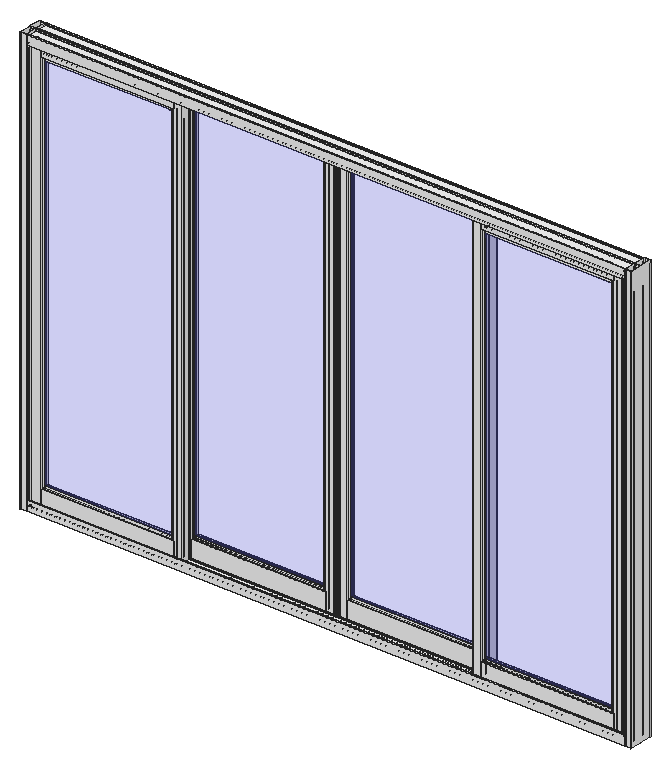
Revit family "Palace_Multi_OXXO_Custom", category Doors, host Wall, Revit 2014 (continued)
Definition of nested family "Palace_Sash_Meeting_Palace_OXXO_Cust"
  Definition of nested family "Palace_Heavy_Duty_Astragal"
    Forms (mm)
      Extrusion 1, solid, material <- "Profile Material"
        sketch origin (0, 0, 0) x (1, 0, 0) y (0, 1, 0)
          loop
            line (27.653, 119.237) -> (8.653, 119.237)
            arc (8.653, 119.237) -> (7.239, 118.651) -> (6.653, 117.237) r 2
            line (6.653, 117.237) -> (6.653, 109.037)
            arc (6.653, 109.037) -> (8.253, 104.237) -> (6.653, 99.437) r 8
          loop
            line (8.253, 98.931) -> (8.253, 84.237) -> (28.053, 84.237) -> (28.053, 98.931)
            arc (28.053, 98.931) -> (26.453, 104.237) -> (28.053, 109.544) r 9.6
            line (28.053, 109.544) -> (28.053, 114.737)
            arc (28.053, 114.737) -> (27.76, 115.444) -> (27.053, 115.737) r 1
            line (27.053, 115.737) -> (9.253, 115.737)
            arc (9.253, 115.737) -> (8.546, 115.444) -> (8.253, 114.737) r 1
            line (8.253, 114.737) -> (8.253, 109.544)
            arc (8.253, 109.544) -> (9.853, 104.237) -> (8.253, 98.931) r 9.6
          loop
            line (8.253, 14.931) -> (8.253, 9.737)
            arc (8.253, 9.737) -> (8.546, 9.03) -> (9.253, 8.737) r 1
            line (9.253, 8.737) -> (27.053, 8.737)
            arc (27.053, 8.737) -> (27.76, 9.03) -> (28.053, 9.737) r 1
            line (28.053, 9.737) -> (28.053, 14.931)
            arc (28.053, 14.931) -> (26.453, 20.237) -> (28.053, 25.544) r 9.6
            line (28.053, 25.544) -> (28.053, 40.237) -> (8.253, 40.237) -> (8.253, 25.544)
            arc (8.253, 25.544) -> (9.853, 20.237) -> (8.253, 14.931) r 9.6
        from 0 to 250 <- "Length Heavy Duty Astragal"
    Dimensions and locks
      aligned and locked: level to plane 2
  Definition of nested family "Palace_Astragal"
    Parameters (values of type "Palace_Astragal")
      Profile Material [instance] = none
      Length Astragal [instance] = 250 mm
    Reference planes
      plane 1 "Center (Front/Back)": y = 0
      plane 2: z = 0
      plane 3 "Center (Left/Right)": x = 0
    Forms (mm)
      Extrusion 1, solid, material <- "Profile Material"
        sketch origin (0, 0, 0) x (1, 0, 0) y (0, 1, 0)
          loop
            line (28.151, 56.967) -> (29.951, 56.967)
            arc (29.951, 56.967) -> (30.451, 57.467) -> (29.951, 57.967) r 0.5
            line (29.951, 57.967) -> (28.951, 57.967) -> (28.951, 59.367) -> (36.451, 59.367) -> (36.451, 57.967) -> (35.451, 57.967)
            arc (35.451, 57.967) -> (34.951, 57.467) -> (35.451, 56.967) r 0.5
            line (35.451, 56.967) -> (36.951, 56.967)
            arc (36.951, 56.967) -> (37.658, 57.259) -> (37.951, 57.967) r 1
            line (37.951, 57.967) -> (37.951, 60.966) -> (14.151, 60.966) -> (14.151, 59.367) -> (14.951, 59.367) -> (14.951, 53.767) -> (16.551, 53.767) -> (16.551, 59.367) -> (24.051, 59.367)
            arc (24.051, 59.367) -> (24.758, 59.074) -> (25.051, 58.367) r 1
            line (25.051, 58.367) -> (25.051, 55.667) -> (24.151, 55.667)
            arc (24.151, 55.667) -> (23.551, 55.067) -> (24.151, 54.467) r 0.6
            line (24.151, 54.467) -> (25.051, 54.467) -> (25.051, 38.967) -> (25.051, 23.467) -> (24.151, 23.467)
            arc (24.151, 23.467) -> (23.551, 22.867) -> (24.151, 22.267) r 0.6
            line (24.151, 22.267) -> (25.051, 22.267) -> (25.051, 19.567)
            arc (25.051, 19.567) -> (24.758, 18.859) -> (24.051, 18.567) r 1
            line (24.051, 18.567) -> (16.551, 18.567) -> (16.551, 24.167) -> (14.951, 24.167) -> (14.951, 18.567) -> (14.151, 18.567) -> (14.151, 16.967) -> (37.951, 16.967) -> (37.951, 19.967)
            arc (37.951, 19.967) -> (37.658, 20.674) -> (36.951, 20.967) r 1
            line (36.951, 20.967) -> (35.451, 20.967)
            arc (35.451, 20.967) -> (34.951, 20.467) -> (35.451, 19.967) r 0.5
            line (35.451, 19.967) -> (36.451, 19.967) -> (36.451, 18.567) -> (28.951, 18.567) -> (28.951, 19.967) -> (29.951, 19.967)
            arc (29.951, 19.967) -> (30.451, 20.467) -> (29.951, 20.967) r 0.5
            line (29.951, 20.967) -> (28.151, 20.967)
            arc (28.151, 20.967) -> (27.09, 21.406) -> (26.651, 22.467) r 1.5
            line (26.651, 22.467) -> (26.651, 38.967) -> (26.651, 55.467)
            arc (26.651, 55.467) -> (27.09, 56.527) -> (28.151, 56.967) r 1.5
        from 0 to 250 <- "Length Astragal"
    Dimensions and locks
      aligned and locked: level to plane 2
Definition of nested family "Single_Glazing_Palace_OXXO_Cust"
  Parameters (values of type "Single_Glazing")
    Glazing Width [instance] = 900 mm
    Glazing Height [instance] = 900 mm
    Right Sliding [instance] = yes
    Length Arrow Tip [instance] = if((Glazing Height - (2 * 50.3 mm)) / 8 > Length Arrow / 3.3, Length Arrow / 3.3, (Glazing Height - (2 * 50.3 mm)) / 8)  # 80.747 mm
    Length Arrow [instance] = (Glazing Width - (2 * 50.3 mm)) / 3  # 266.467 mm
    Left Sliding [instance] = yes
    Is Sliding [instance] = if(or(Right Sliding, Left Sliding), 1 = 1, 1 = 2)  # yes
    Glazing Thickness SG [instance] = 4 mm
    Glazing Material [instance] = Glass
    Double Glazing Gasket Material [instance] = none
    Arrow Tip Length [instance] = if((Glazing Height - (2 * 50.3 mm)) / 8 > Length Arrow / 3.3, Length Arrow / 3.3, (Glazing Height - (2 * 50.3 mm)) / 8)  # 80.747 mm
    Arrow Tip Angle = 45.00°  # constant formula
    Arrow Left Gap [instance] = (Glazing Width - Length Arrow) / 2  # 316.767 mm
    Arrow Bottom Gap [instance] = Glazing Height / 2  # 450 mm
  Reference planes
    plane 1 "Center (Front/Back)": y = 0
    plane 2: z = 0
    plane 3 "Center (Left/Right)": x = 0
  Forms (mm)
    Extrusion 1, solid, material "Glass" <- "Glazing Material"
      sketch origin (0, 0, 0) x (1, 0, 0) y (0, 0, 1)
        loop
          line (0, 0) -> (0, 900) -> (-900, 900) -> (-900, 0) -> (0, 0)
      from 0 to 4 <- "Glazing Thickness SG"
  Lines and regions (mm)
    model lines, visible <- "Is Sliding"
      curve 1: line (-583.233, -4, 450) -> (-316.767, -4, 450)
    model lines, visible <- "Left Sliding"
      curve 2: line (-316.767, -4, 450) -> (-373.864, -4, 507.097)
      curve 3: line (-316.767, -4, 450) -> (-373.864, -4, 392.903)
    model lines, visible <- "Right Sliding"
      curve 4: line (-583.233, -4, 450) -> (-526.136, -4, 507.097)
      curve 5: line (-583.233, -4, 450) -> (-526.136, -4, 392.903)
  Dimensions and locks
    "Length Arrow": curve 1 to curve 1
    "Arrow Left Gap": plane 3 "Center (Left/Right)" to curve 1
    "Arrow Bottom Gap": level to curve 1
    "Arrow Tip Length": curve 3 to curve 2
    "Arrow Tip Length": curve 3 to curve 3
    "Length Arrow Tip": curve 5 to curve 5
    "Length Arrow Tip": curve 5 to curve 4
    "Glazing Width": plane 3 "Center (Left/Right)" to Extrusion 1 sketch curve
    "Glazing Height": Extrusion 1 sketch curve to level
    "Arrow Tip Angle": angle curve 3 to curve 1
    "Arrow Tip Angle": angle curve 1 to curve 2
    "Arrow Tip Angle": angle curve 4 to curve 1
    "Arrow Tip Angle": angle curve 1 to curve 5
    aligned and locked: level to plane 2
    aligned and locked: Extrusion 1 sketch curve to plane 3 "Center (Left/Right)"
    aligned and locked: level to Extrusion 1 sketch curve
